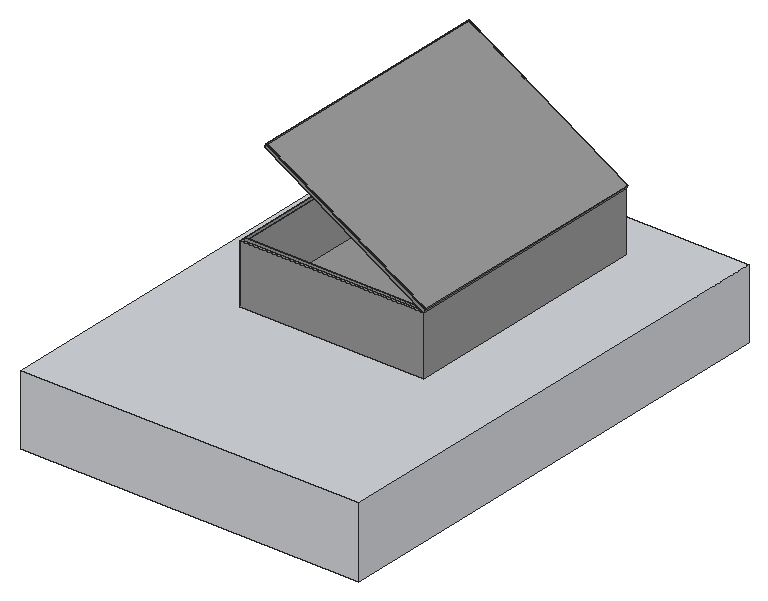
Revit family "Hager-Univers-IP55-D275-H1100-Cl.II-Steel_encl-NL-en", category Equipement électrique, Revit 2020
Family settings
  Hôte = Face
  Configuration du panneau = Deux colonnes, circuits au sein
  Cote de connecteur circulaire = Utiliser le diamètre
  Type d'élément = Tableau de raccordement
  Couper avec des vides une fois chargée = Non
  Partagée = Non
  Point de calcul de pièce = Non
Parameters (values of type "Surface mounted (plaster) IP55 W800 H1100 D275  - FR73S")
  Width Control [instance] = if([EF000008 - Width] > Min Width, [EF000008 - Width], Min Width)  # 800 mm
  Commentaires du type = [HG000003 - Range]  # "Univers"
  Thickness Door [instance] = if([EF009171 - Material plate thickness door/cover] > 3 mm, 3 mm, [EF009171 - Material plate thickness door/cover])  # 1.5 mm
  Seal Frame Offset [instance] = 17 mm  # constant formula
  Plinth Visibility [instance] = [HG000027 - Plinth height] > 0 mm  # no
  Model = ""
  Min Width [instance] = 100 mm  # constant formula
  Min Height [instance] = 100 mm  # constant formula
  Min Depth [instance] = (2 * [EF009170 - Material plate thickness cabinet]) + 1 mm  # 4 mm
  Internal Frame Depth [instance] = (Door System Depth * 0.5)  # 9 mm
  Height Control [instance] = if([EF000040 - Height] > Min Height, [EF000040 - Height], Min Height)  # 1100 mm
  HG000027 - Plinth height = 0 mm
  HG000026 - Floor standing = no
  HG000024 - Bottom section height = 800 mm
  HG000023 - Double section enclosure = no
  HG000016 - Door 3d visibility [instance] = yes
  HG000015 - Clearance visibility [instance] = no
  HG000014 - Door on the right [instance] = yes
  HG000013 - Door on the left [instance] = not([HG000014 - Door on the right])  # no
  HG000012 - Door swing angle [instance] = 30.00°
  HG000010 - Asymmetric doors = no
  HG000009 - Double swing door = no
  HG000006 - Flush mounted = no
  HG000004 - Manufacturer reference = "FR73S"
  HG000003 - Range = "Univers"
  HG000002 - With door or cover = yes
  Frame Offset Bottom [instance] = 10 mm  # constant formula
  Frame Offset [instance] = 15 mm  # constant formula
  EF015940 - Cover with overpressure release = no
  EF011959 - Degree of protection (NEMA) = ""
  EF009554 - Number of openings for flange plates = 6
  EF009212 - Cover model = "EV000116 - Closed"
  EF009171 - Material plate thickness door/cover = 1.5 mm
  EF009170 - Material plate thickness cabinet = 1.5 mm
  Fabricant = "Hager"  # constant formula
  EF008873 - Nominal current (In) = 800 A
  EF007800 - Suitable for lightning protection = no
  EF006306 - With lock = no
  EF006244 - Transparent cover/door = no
  EF005474 - Degree of protection (IP) = "EV006420 - IP55"
  EF004464 - Type of door = "EV002646 - Single"
  EF004427 - Number of modules = 252
  EF004293 - Impact strength = "EV008784 - IK10"
  EF003532 - Suitable for outdoor use = no
  EF002950 - Width in number of modular spacings = 24
  EF001613 - Circuit integrity = "EV000494 - None"
  EF001596 - Material housing = "EV000179 - Steel"
  EF001131 - Internal depth = 275 mm
  EF001088 - Extension possible = yes
  EF000437 - Number of conduit inlets = 6
  EF000339 - Type of cover = "EV004216 - Door"
  EF000266 - Number of rows = 7
  EF000218 - Built-in depth = 0 mm
  EF000118 - With mounting plate = no
  EF000116 - RAL-number = "7035"
  EF000049 - Depth = 275 mm
  EF000040 - Height = 1100 mm
  EF000008 - Width = 800 mm
  EF000007 - Colour = "EV000270 - Grey"
  EF000003 - Mounting method = "EV000384 - Surface mounted (plaster)"
  Door System Leaf Tolerance [instance] = 1.5 mm  # constant formula
  Door System Depth [instance] = 18 mm  # constant formula
  Door Height [instance] = Height Control - [HG000027 - Plinth height]  # 1100 mm
  Depth Control [instance] = if([EF000049 - Depth] > Min Depth, [EF000049 - Depth], Min Depth)  # 275 mm
  Default Elevation = 0 mm
  Connector Offset [instance] = Height Control / 2  # 550 mm
  Bottom Top Plate Trim [instance] = 1.5 mm  # constant formula
  Plinth height Ctrl [instance] = if([HG000027 - Plinth height] > 0 mm, [HG000027 - Plinth height], 12 mm)  # 12 mm
Types (5, lengths in mm): name | Width Control | HG000010 - Asymmetric doors | HG000009 - Double swing door | HG000004 - Manufacturer reference | EF009554 - Number of openings for flange plates | EF004464 - Type of door | EF004427 - Number of modules | EF000437 - Number of conduit inlets | EF000008 - Width
  Surface mounted (plaster) IP55 W1050 H1100 D275  - FR74S | 1050 | no | yes | "FR74S" | 8 | "EV003602 - Double" | 336 | 8 | 1050
  Surface mounted (plaster) IP55 W1300 H1100 D275  - FR75S | 1300 | yes | yes | "FR75S" | 10 | "EV003602 - Double" | 420 | 10 | 1300
  Surface mounted (plaster) IP55 W300 H1100 D275  - FR71S | 300 | no | no | "FR71S" | 2 | "EV002646 - Single" | 84 | 2 | 300
  Surface mounted (plaster) IP55 W550 H1100 D275  - FR72S | 550 | no | no | "FR72S" | 4 | "EV002646 - Single" | 168 | 4 | 550
  Surface mounted (plaster) IP55 W800 H1100 D275  - FR73S | 800 | no | no | "FR73S" | 6 | "EV002646 - Single" | 252 | 6 | 800
Reference planes
  plane 1 "Center (Front/Back)": y = 0
  plane 2: z = 0
  plane 3 "Center (Left/Right)": x = 0
  plane 4: z = 275
  plane 5: y = 1.5
  plane 6: y = 550
  plane 7: y = 0
  plane 8: y = 1100
  plane 9: z = 0
  plane 10: x = -385
  plane 11: x = 385
  plane 12: x = 383.5
  plane 13: x = -383.5
  plane 14: y = 1098.5
  plane 15: x = -383
  plane 16: x = -400
  plane 17: x = 383
  plane 18: x = 400
  plane 19: x = 398.5
  plane 20: x = -398.5
  plane 21: y = 11.5
  plane 22: y = 1100
  plane 23: y = 1083.5
  plane 24: z = 257
  plane 25: z = 1.5
  plane 26: z = 255.5
  plane 27: z = 273.5
Forms (mm)
  Extrusion 1, solid
    sketch origin (0, 0, 0) x (1, 0, 0) y (0, 1, 0)
      loop
        line (-702.964, 1305) -> (-702.964, -811.445) -> (766.763, -811.445) -> (766.763, 1305) -> (-702.964, 1305)
    from 0 to -304.8
  Extrusion 2, solid, material "Hager_Steel_RAL7035_Light_Grey", visible <- "Plinth Visibility", detail levels medium+fine
    sketch origin (0, 0, 0) x (1, 0, 0) y (0, 1, 0)
      loop
        line (-400, 0) -> (400, 0) -> (400, 12) -> (-400, 12) -> (-400, 0)
    from 0 to 257
  Extrusion 3, solid, material "Hager_Steel_RAL7035_Light_Grey", detail levels medium+fine
    sketch origin (0, 0, 0) x (1, 0, 0) y (0, 1, 0)
      loop
        line (-400, 0) -> (400, 0) -> (400, 1100) -> (-400, 1100) -> (-400, 0)
    from 0 to 257
  Extrusion 4, void
    sketch origin (0, 0, 0) x (1, 0, 0) y (0, 1, 0)
      loop
        line (-398.5, 1.5) -> (398.5, 1.5) -> (398.5, 1098.5) -> (-398.5, 1098.5) -> (-398.5, 1.5)
    from 1.5 to 255.5
  Extrusion 5, void
    sketch origin (-381.607, -4572, 257) x (0, -1, 0) y (-1, 0, 0)
      loop
        line (-4583.5, 1.893) -> (-5655.5, 1.893) -> (-5655.5, -765.107) -> (-4583.5, -765.107) -> (-4583.5, 1.893)
    from 0 to 1.5 <- "EF009170 - Material plate thickness cabinet"
  Extrusion 6, solid, material "Hager_Steel_RAL7035_Light_Grey", detail levels fine
    sketch origin (0, 0, 257) x (1, 0, 0) y (0, 1, 0)
      loop
        line (-383.5, 1083.5) -> (-383.5, 11.5) -> (383.5, 11.5) -> (383.5, 1083.5) -> (-383.5, 1083.5)
      loop
        line (-385, 10) -> (385, 10) -> (385, 1085) -> (-385, 1085) -> (-385, 10)
    from 0 to 9 <- "Internal Frame Depth"
  Extrusion 7, solid, material "Hager_Steel_RAL7035_Light_Grey", detail levels coarse
    sketch origin (0, 0, 0) x (1, 0, 0) y (0, 1, 0)
      loop
        line (-400, 0) -> (400, 0) -> (400, 1100) -> (-400, 1100) -> (-400, 0)
    from 0 to 275
  Sweep 8, void
    path in 3D
      loop
        line (-400, 12, 0) -> (400, 12, 0) -> (400, 12, 257) -> (-400, 12, 257) -> (-400, 12, 0)
    profile origin (-400, 12, 128.5) x (-1, 0, 0) y (0, -1, 0)
      loop
        line (0, 0) -> (0, 1.5) -> (-1.5, 1.5)
        arc (-1.5, 1.5) -> (-1.061, 0.439) -> (0, 0) r 1.5
Cuts and joins
  Extrusion 4, Extrusion 5 cuts Extrusion 3
  Sweep 8 cuts Extrusion 2
Lines and regions (mm)
  Masking region 1
    outline origin (0, 0, 0) x (1, 0, 0) y (0, 0, 1)
      loop
        line (-400, 275) -> (-400, 0) -> (400, 0) -> (400, 275) -> (-400, 275)
  Masking region 2, detail levels medium+fine
    outline origin (0, 140, 0) x (0, 1, 0) y (0, 0, 1)
      loop
        line (-140, 0) -> (960, 0) -> (960, 257) -> (-140, 257) -> (-140, 0)
  Masking region 3, not visible, detail levels medium+fine
    outline origin (0, 297.922, 0) x (0, 1, 0) y (0, 0, 1)
      loop
        line (263.578, 0) -> (303.578, 0) -> (303.578, 263.5)
        arc (303.578, 263.5) -> (300.649, 270.571) -> (293.578, 273.5) r 10
        line (293.578, 273.5) -> (263.578, 273.5) -> (263.578, 0)
  Masking region 4, detail levels coarse
    outline origin (0, 0, 180) x (0, 1, 0) y (0, 0, 1)
      loop
        line (0, -180) -> (1100, -180) -> (1100, 95) -> (0, 95) -> (0, -180)
  Masking region 5, visible <- "Plinth Visibility", detail levels medium+fine
    outline origin (0, 52.24, 12.345) x (0, 0, -1) y (0, 1, 0)
      loop
        line (10.845, -40.24) -> (-243.155, -40.24)
        arc (-243.155, -40.24) -> (-243.594, -41.301) -> (-244.655, -41.74) r 1.5
        line (-244.655, -41.74) -> (-244.655, -52.24) -> (12.345, -52.24) -> (12.345, -41.74)
        arc (12.345, -41.74) -> (11.285, -41.301) -> (10.845, -40.24) r 1.5
  Masking region 6, detail levels medium+fine
    outline origin (-381.607, -4572, 257) x (-1, 0, 0) y (0, -1, 0)
      loop
        line (18.393, -5672) -> (18.393, -4572) -> (-781.607, -4572) -> (-781.607, -5672) -> (18.393, -5672)
  Masking region 7, visible <- "Plinth Visibility", detail levels medium+fine
    outline origin (-381.607, -4727, 257) x (-1, 0, 0) y (0, -1, 0)
      loop
        arc (16.893, -4739) -> (17.332, -4737.939) -> (18.393, -4737.5) r 1.5
        line (18.393, -4737.5) -> (18.393, -4727) -> (-781.607, -4727) -> (-781.607, -4737.5)
        arc (-781.607, -4737.5) -> (-780.546, -4737.939) -> (-780.107, -4739) r 1.5
        line (-780.107, -4739) -> (16.893, -4739)
  Masking region 8, detail levels coarse
    outline origin (-442.548, -4669.526, 257) x (-1, 0, 0) y (0, -1, 0)
      loop
        line (-42.548, -5769.526) -> (-42.548, -4669.526) -> (-842.548, -4669.526) -> (-842.548, -5769.526) -> (-42.548, -5769.526)
  sketch lines
    curve 1: line (-400, 12, 257) -> (-400, 12, 0)
    curve 2: line (400, 12, 257) -> (-400, 12, 257)
    curve 3: line (400, 12, 257) -> (400, 12, 0)
    curve 4: line (-400, 12, 0) -> (400, 12, 0)
Dimensions and locks
  "Depth Control": plane 4 to Extrusion 1
  "HG000027 - Plinth height": plane 1 "Center (Front/Back)" to plane 7
  "EF009170 - Material plate thickness cabinet": plane 5 to plane 7
  locked: connector elem to plane 3 "Center (Left/Right)"
  equal spacing: plane 8, plane 6, plane 7
  locked: connector elem to plane 6
  "EF009170 - Material plate thickness cabinet": plane 8 to plane 14
  "EF009170 - Material plate thickness cabinet": plane 10 to plane 13
  "EF009170 - Material plate thickness cabinet": plane 12 to plane 11
  "Frame Offset": plane 20 to plane 13
  "Frame Offset": plane 12 to plane 19
  "EF009170 - Material plate thickness cabinet": plane 16 to plane 20
  "EF009170 - Material plate thickness cabinet": plane 19 to plane 18
  "Seal Frame Offset": plane 16 to plane 15
  "Seal Frame Offset": plane 17 to plane 18
  "Frame Offset Bottom": plane 21 to plane 5
  "Frame Offset": plane 14 to plane 23
  equal spacing: plane 16, plane 3 "Center (Left/Right)", plane 18
  "Width Control": plane 16 to plane 18
  "EF009170 - Material plate thickness cabinet": plane 4 to plane 27
  "EF009170 - Material plate thickness cabinet": plane 24 to plane 26
  "EF009170 - Material plate thickness cabinet": plane 25 to level
  "Door System Depth": plane 4 to plane 24
  "Height Control": plane 1 "Center (Front/Back)" to Extrusion 7 sketch curve
  "Height Control": Masking region 4 sketch curve to plane 1 "Center (Front/Back)"
  "Height Control": plane 1 "Center (Front/Back)" to plane 22
  "Bottom Top Plate Trim": profile plane to Sweep 8 sketch curve
  "Bottom Top Plate Trim": Sweep 8 sketch curve to profile plane
  "Plinth height Ctrl": plane 1 "Center (Front/Back)" to Extrusion 2 sketch curve
  "Plinth height Ctrl": Masking region 5 sketch curve to plane 1 "Center (Front/Back)"
  "Plinth height Ctrl": plane 1 "Center (Front/Back)" to Masking region 7 sketch curve
  "Thickness Door": Extrusion 6 sketch curve to Extrusion 6 sketch curve  (x3)
  "Thickness Door": cut or joined group of Extrusion 3, Extrusion 4, Extrusion 5 to Extrusion 6 sketch curve
  radius of Masking region 3 sketch curve = 10 mm
  "Bottom Top Plate Trim": radius of Masking region 5 sketch curve  (x2)
  "Bottom Top Plate Trim": radius of Sweep 8 sketch curve
  "Bottom Top Plate Trim": radius of Masking region 7 sketch curve  (x2)
  aligned and locked: plane 2 to Extrusion 1
  aligned and locked: level to Extrusion 1
  aligned and locked: level to Masking region 1 sketch curve
  aligned and locked: Masking region 1 sketch curve to plane 18
  aligned and locked: Masking region 1 sketch curve to plane 16
  aligned and locked: plane 7 to Masking region 2 sketch curve
  aligned and locked: level to Masking region 3 sketch curve
  aligned and locked: Masking region 3 sketch curve to plane 27
  aligned and locked: level to Masking region 2 sketch curve
  aligned and locked: plane 1 "Center (Front/Back)" to Extrusion 2 sketch curve
  aligned and locked: Extrusion 3 sketch curve to plane 7
  aligned and locked: plane 16 to Extrusion 3 sketch curve
  aligned and locked: plane 18 to Extrusion 3 sketch curve
  aligned and locked: plane 20 to Extrusion 4 sketch curve
  aligned and locked: plane 19 to Extrusion 4 sketch curve
  aligned and locked: Extrusion 4 sketch curve to plane 5
  aligned and locked: Extrusion 4 to plane 25
  aligned and locked: plane 26 to Extrusion 4
  aligned and locked: plane 24 to Extrusion 3
  aligned and locked: Extrusion 5 sketch curve to plane 21
  aligned and locked: Extrusion 5 sketch curve to plane 13
  aligned and locked: Extrusion 5 sketch curve to plane 12
  aligned and locked: plane 18 to Extrusion 7 sketch curve
  aligned and locked: plane 1 "Center (Front/Back)" to Extrusion 7 sketch curve
  aligned and locked: plane 16 to Extrusion 7 sketch curve
  aligned and locked: plane 4 to Extrusion 7
  aligned and locked: Extrusion 7 to level
  aligned and locked: level to Masking region 4 sketch curve
  aligned and locked: Masking region 4 sketch curve to plane 1 "Center (Front/Back)"
  aligned and locked: Masking region 4 sketch curve to plane 4
  aligned and locked: nested 1 to level
  aligned and locked: nested 1 to plane 16
  aligned and locked: plane 8 to Extrusion 3 sketch curve
  aligned and locked: plane 23 to Extrusion 5 sketch curve
  aligned and locked: plane 14 to Extrusion 4 sketch curve
  aligned and locked: Masking region 2 sketch curve to plane 8
  aligned and locked: level to Masking region 5 sketch curve
  aligned and locked: plane 16 to Extrusion 2 sketch curve
  aligned and locked: plane 18 to Extrusion 2 sketch curve
  aligned and locked: Masking region 5 sketch curve to plane 24
  aligned and locked: Masking region 2 sketch curve to plane 24
  aligned and locked: plane 24 to Extrusion 2
  aligned and locked: profile plane to Sweep 8 sketch curve  (x2)
  aligned and locked: Masking region 6 sketch curve to plane 18
  aligned and locked: Masking region 6 sketch curve to plane 22
  aligned and locked: Masking region 6 sketch curve to plane 16
  aligned and locked: plane 8 to plane 22
  aligned and locked: Masking region 6 sketch curve to plane 7
  aligned and locked: Masking region 7 sketch curve to plane 16
  aligned and locked: Masking region 7 sketch curve to plane 1 "Center (Front/Back)"
  aligned and locked: Masking region 7 sketch curve to plane 18
  aligned and locked: Masking region 8 sketch curve to plane 1 "Center (Front/Back)"
  aligned and locked: Masking region 8 sketch curve to plane 18
  aligned and locked: Masking region 8 sketch curve to plane 22
  aligned and locked: Masking region 8 sketch curve to plane 16
  aligned and locked: nested 2 to plane 7
  aligned and locked: plane 3 "Center (Left/Right)" to nested 2
  aligned and locked: nested 2 to plane 24
  aligned and locked: Extrusion 6 sketch curve to cut or joined group of Extrusion 3, Extrusion 4, Extrusion 5  (x4)
Automatic sketch dimensions
  Extrusion 1 sketch curve to Extrusion 1 sketch curve = 1469.727 mm
  Extrusion 1 sketch curve to Extrusion 1 sketch curve = 2116.445 mm
  Masking region 1 sketch curve to plane 4 = 0 mm
  plane 6 to Masking region 3 sketch curve = 11.5 mm
  Masking region 3 sketch curve to Masking region 3 sketch curve = 30 mm
  Masking region 5 sketch curve to plane 1 "Center (Front/Back)" = 0 mm
Nested families
  nested 1: "Hager_Enclosure_Symbol" at (-400, 0, 0) x (1, 0, 0) z (0, -1, 0), Height <- "Depth Control", Width <- "Width Control", type "Hager_Enclosure_Symbol"
    with Width_Ctrl 800 mm, Width 800 mm, Height_Ctrl 275 mm, Height 275 mm, A_Width_Int 18.047 mm, A_Width 216.562 mm, A_Height_Ctrl 240.625 mm, A_Height 240.625 mm
  nested 2: "EC000058_Univers_Door" at (0, 0, 257) x (1, 0, 0) z (0, 1, 0), Leaf_Tolerance <- "Door System Leaf Tolerance", Angle <- "HG000012 - Door swing angle", Door_Depth <- "Door System Depth", Door_Left <- "HG000013 - Door on the left", Transparent <- "EF006244 - Transparent cover/door", Assymetrical <- "HG000010 - Asymmetric doors", Width <- "Width Control", Clearance <- "HG000015 - Clearance visibility", Double <- "HG000009 - Double swing door", 3d_Door <- "HG000016 - Door 3d visibility", Lock_Visibility <- "EF006306 - With lock", Width_Ctrl <- "Width Control", Door_Right <- "HG000014 - Door on the right", Door <- "HG000002 - With door or cover", Height <- "Door Height", Thickness <- "Thickness Door", type "EC000058_Univers_Door", detail levels medium+fine
    with min_wh 4 mm, Width_Ctrl 800 mm, Width 800 mm, Transparent no, Thickness 1.5 mm, Seal_Material Hager_Rubber, Lock_Visibility no, Lock_Material Hager_Plastic_RAL9005_Jet_Black, Leaf_Width 800 mm, Leaf_Tolerance_External_Sides 0 mm, Leaf_Tolerance 1.5 mm, Leaf_Offset 0 mm, Leaf_Height 1097 mm, Leaf_2_Width 800 mm, Leaf_2_Offset 400 mm, Leaf_1_Width 800 mm, Leaf_1_Offset 400 mm, Height_Ctrl 1100 mm, Height 1100 mm, Glass_Material Hager_Glass, Double_Clearance_Ctrl no, Double no, Door_Right_Ctrl yes, Door_Right yes, Door_Material Hager_Steel_RAL7035_Light_Grey, Door_Left_Ctrl no, Door_Left no, Door_Depth 18 mm, Door yes, Clearance_Material Hager_Clearance, Clearance_Depth 800 mm, Clearance_Ctrl no, Clearance no, Assymetrical no, Angle 30.00°, 3d_Door yes
Connectors
  electrical at (0, 550, 0)
    settings: on plane 9, index 1, voltage 0 V, apparent load 0 VA, apparent load phase1 0 VA, apparent load phase2 0 VA, apparent load phase3 0 VA, power factor 1, load classification "Other", number of poles 1, system type 30, power factor state 1, is connector primary yes, connector utility no, sub classification motor no, connector description ""
Definition of nested family "EC000058_Univers_Door"
  Parameters (values of type "EC000058_Univers_Door")
    min_wh [instance] = (2 * Thickness) + 1 mm  # 11 mm
    Width_Ctrl [instance] = 400 mm
    Width [instance] = 500 mm
    Transparent [instance] = yes
    Thickness [instance] = 5 mm
    Seal_Material [instance] = none
    Lock_Visibility [instance] = yes
    Lock_Material [instance] = none
    Leaf_Width [instance] = if((Width_Ctrl - 2 * Leaf_Tolerance_External_Sides) > 0 mm, (Width_Ctrl - 2 * Leaf_Tolerance_External_Sides), min_wh)  # 400 mm
    Leaf_Tolerance_External_Sides [instance] = 0 mm  # constant formula
    Leaf_Tolerance [instance] = 1.5 mm
    Leaf_Offset [instance] = 0 mm  # constant formula
    Leaf_Height [instance] = if((Height_Ctrl - 2 * Leaf_Tolerance) > 0 mm, (Height_Ctrl - 2 * Leaf_Tolerance), min_wh)  # 497 mm
    Leaf_2_Width [instance] = if(and(and(Double, Assymetrical), Door_Left), (Leaf_Width / 3) - (Leaf_Tolerance / 2), if(and(and(Double, Assymetrical), Door_Right), (Leaf_Width / 3) * 2 - (Leaf_Tolerance / 2), if(and(Double, not(Assymetrical)), (Leaf_Width / 2) - Leaf_Tolerance, Leaf_Width)))  # 400 mm
    Leaf_2_Offset [instance] = if(and(Double, Assymetrical), Leaf_2_Width / 2, if(and(Double, not(Assymetrical)), Leaf_Width / 4, Leaf_Width / 2))  # 200 mm
    Leaf_1_Width [instance] = if(and(and(Double, Assymetrical), Door_Right), (Leaf_Width / 3) - (Leaf_Tolerance / 2), if(and(and(Double, Assymetrical), Door_Left), (Width / 3) * 2 - (Leaf_Tolerance / 2), if(and(Double, not(Assymetrical)), (Leaf_Width / 2) - Leaf_Tolerance, Leaf_Width)))  # 400 mm
    Leaf_1_Offset [instance] = if(and(Double, Assymetrical), Leaf_1_Width / 2, if(and(Double, not(Assymetrical)), Leaf_Width / 4, Leaf_Width / 2))  # 200 mm
    Height_Ctrl [instance] = if(Height > min_wh, Height, min_wh)  # 500 mm
    Height [instance] = 500 mm
    Glass_Material [instance] = none
    Double_Clearance_Ctrl [instance] = and(Double, Clearance)  # no
    Double [instance] = no
    Door_Right_Ctrl [instance] = and(or(Door_Right, Double), Door)  # yes
    Door_Right [instance] = yes
    Door_Material [instance] = none
    Door_Left_Ctrl [instance] = and(or(Door_Left, Double), Door)  # no
    Door_Left [instance] = no
    Door_Depth [instance] = 30 mm
    Door [instance] = yes
    Default Elevation = 1219.2 mm
    Clearance_Material [instance] = none
    Clearance_Depth [instance] = if(Leaf_1_Width > Leaf_2_Width, Leaf_1_Width, Leaf_2_Width)  # 400 mm
    Clearance_Ctrl [instance] = and(not(Double), Clearance)  # yes
    Clearance [instance] = yes
    Assymetrical [instance] = yes
    Angle [instance] = 30.00°
    3d_Door [instance] = yes
  Reference planes
    plane 1 "Center (Front/Back)": y = 0
    plane 2 "Bottom": z = 0
    plane 3 "Center (Left/Right)": x = 0
    plane 4: z = 500
    plane 5: x = -200
    plane 6: x = 200
    plane 7: z = 500
    plane 8: x = -200
    plane 9: z = 0
    plane 10: x = 200
    plane 11: y = 0
    plane 12: z = 1.5
    plane 13: x = -600
    plane 14: y = -400
    plane 15: x = 600
    plane 16: x = 0
    plane 17: x = 0
    plane 18: x = -200
    plane 19: x = 200
    plane 20: z = 498.5
  Forms (mm)
    Extrusion 1, solid, material <- "Clearance_Material", visible <- "Double_Clearance_Ctrl"
      sketch origin (1200, 0, 0) x (1, 0, 0) y (0, 0, -1)
        loop
          line (-1800, -498.5) -> (-600, -498.5) -> (-600, 0) -> (-1800, 0) -> (-1800, -498.5)
      from 0 to -400
  Dimensions and locks
    equal spacing: plane 5, plane 3 "Center (Left/Right)", plane 6
    "Width_Ctrl": plane 5 to plane 6
    "Leaf_Offset": plane 5 to plane 8
    "Leaf_Offset": plane 6 to plane 10
    "Leaf_Offset": plane 9 to level
    "Leaf_Offset": plane 4 to plane 7
    "Height_Ctrl": plane 4 to level
    "Leaf_Tolerance": plane 12 to plane 9
    locked: plane 11 to plane 1 "Center (Front/Back)"
    "Leaf_1_Offset": plane 18 to plane 16
    "Leaf_2_Offset": plane 17 to plane 19
    "Leaf_1_Width": plane 13 to plane 8
    "Leaf_2_Width": plane 10 to plane 15
    "Clearance_Depth": plane 14 to plane 1 "Center (Front/Back)"
    "Leaf_Tolerance_External_Sides": plane 8 to plane 18
    "Leaf_Tolerance_External_Sides": plane 19 to plane 10
    "Leaf_Tolerance": plane 7 to plane 20
    aligned and locked: level to plane 2 "Bottom"
    aligned and locked: nested 1 to plane 16
    aligned and locked: nested 2 to plane 17
    aligned and locked: Extrusion 1 to plane 13
    aligned and locked: plane 15 to Extrusion 1
    aligned and locked: Extrusion 1 to plane 14
    aligned and locked: plane 12 to nested 1
    aligned and locked: nested 2 to plane 12
    aligned and locked: Extrusion 1 to plane 11
    aligned and locked: plane 20 to Extrusion 1
    aligned and locked: nested 2 to plane 11
    aligned and locked: nested 1 to plane 11
  Automatic sketch dimensions
    Extrusion 1 sketch curve to level = 0 mm
    plane 5 to Extrusion 1 sketch curve = 400 mm
    plane 6 to Extrusion 1 sketch curve = 400 mm
    Extrusion 1 sketch curve to plane 4 = 1.5 mm
  Nested families
    nested 1: "EC000058_Univers_Door_Leaf" at (0, 0, 1.5), Width <- "Leaf_1_Width", visible <- "Door_Left_Ctrl", Leaf_Height <- "Leaf_Height", Angle <- "Angle", 3d_Door <- "3d_Door", Transparent <- "Transparent", Clearance Material <- "Clearance_Material", Clearance <- "Clearance_Ctrl", Door_Material <- "Door_Material", Glass_Material <- "Glass_Material", Door_Depth <- "Door_Depth", Lock_Material <- "Lock_Material", Seal_Material <- "Seal_Material", Lock_Visibility <- "Lock_Visibility", Thickness <- "Thickness", type "EC000058_Univers_Door_Leaf"
      with Width 400 mm, Transparent_Glass_Offset 30 mm, Transparent_Ctrl yes, Transparent yes, Thickness 5 mm, Standard no, Seal_Material none, Seal_D2 8 mm, Seal_D1 1 mm, Offset_Internal_Frame 10 mm, Lock_Width 20 mm, Lock_Visibility_3d yes, Lock_Visibility yes, Lock_Thickness_3 3 mm, Lock_Thickness_2 1 mm, Lock_Thickness_1 3 mm, Lock_Radius_Offset_2 16 mm, Lock_Radius_Offset_1 15 mm, Lock_Radius_2 5 mm, Lock_Radius 6 mm, Lock_Offset 5 mm, Lock_Material none, Lock_Height 80 mm, Lock_Cover_Top_Offset_2d 17 mm, Lock_Cover_Height -65 mm, Leaf_Height 497 mm, Internal_Seal_Thickness 8 mm, Internal_Seal_Depth_2 4.5 mm, Internal_Frame_Depth 25 mm, Glass_Thickness -1 mm, Glass_Offset -2 mm, Glass_Material none, Door_Material none, Door_Depth 30 mm, Clearance Material none, Clearance yes, Angle_Ctrl 30.00°, Angle 30.00°, 3d_Door yes
    nested 2: "EC000058_Univers_Door_Leaf" at (0, 0, 1.5) x (-1, 0, 0) z (0, 0, 1), Width <- "Leaf_2_Width", visible <- "Door_Right_Ctrl", Leaf_Height <- "Leaf_Height", Angle <- "Angle", 3d_Door <- "3d_Door", Transparent <- "Transparent", Clearance Material <- "Clearance_Material", Clearance <- "Clearance_Ctrl", Door_Material <- "Door_Material", Glass_Material <- "Glass_Material", Door_Depth <- "Door_Depth", Lock_Material <- "Lock_Material", Seal_Material <- "Seal_Material", Lock_Visibility <- "Lock_Visibility", Thickness <- "Thickness", type "EC000058_Univers_Door_Leaf"
      with Width 400 mm, Transparent_Glass_Offset 30 mm, Transparent_Ctrl yes, Transparent yes, Thickness 5 mm, Standard no, Seal_Material none, Seal_D2 8 mm, Seal_D1 1 mm, Offset_Internal_Frame 10 mm, Lock_Width 20 mm, Lock_Visibility_3d yes, Lock_Visibility yes, Lock_Thickness_3 3 mm, Lock_Thickness_2 1 mm, Lock_Thickness_1 3 mm, Lock_Radius_Offset_2 16 mm, Lock_Radius_Offset_1 15 mm, Lock_Radius_2 5 mm, Lock_Radius 6 mm, Lock_Offset 5 mm, Lock_Material none, Lock_Height 80 mm, Lock_Cover_Top_Offset_2d 17 mm, Lock_Cover_Height -65 mm, Leaf_Height 497 mm, Internal_Seal_Thickness 8 mm, Internal_Seal_Depth_2 4.5 mm, Internal_Frame_Depth 25 mm, Glass_Thickness -1 mm, Glass_Offset -2 mm, Glass_Material none, Door_Material none, Door_Depth 30 mm, Clearance Material none, Clearance yes, Angle_Ctrl 30.00°, Angle 30.00°, 3d_Door yes
  Definition of nested family "EC000058_Univers_Door_Leaf"
    Parameters (values of type "EC000058_Univers_Door_Leaf")
      Width [instance] = 2000 mm
      Transparent_Glass_Offset [instance] = 30 mm
      Transparent_Ctrl [instance] = and(Transparent, [3d_Door])  # yes
      Transparent [instance] = yes
      Thickness [instance] = 5 mm
      Standard [instance] = and(not(Transparent), [3d_Door])  # no
      Seal_Material [instance] = none
      Seal_D2 [instance] = 8 mm  # constant formula
      Seal_D1 [instance] = 1 mm  # constant formula
      Offset_Internal_Frame [instance] = 10 mm  # constant formula
      Lock_Width [instance] = 20 mm  # constant formula
      Lock_Visibility_3d [instance] = and(Lock_Visibility, [3d_Door])  # yes
      Lock_Visibility [instance] = yes
      Lock_Thickness_3 [instance] = 3 mm  # constant formula
      Lock_Thickness_2 [instance] = 1 mm  # constant formula
      Lock_Thickness_1 [instance] = 3 mm  # constant formula
      Lock_Radius_Offset_2 [instance] = Lock_Radius_Offset_1 + 1 mm  # 16 mm
      Lock_Radius_Offset_1 [instance] = 15 mm  # constant formula
      Lock_Radius_2 [instance] = Lock_Radius - 1 mm  # 5 mm
      Lock_Radius [instance] = 6 mm  # constant formula
      Lock_Offset [instance] = 5 mm  # constant formula
      Lock_Material [instance] = none
      Lock_Height [instance] = 80 mm  # constant formula
      Lock_Cover_Top_Offset_2d [instance] = Lock_Radius_Offset_2 + 1 mm  # 17 mm
      Lock_Cover_Height [instance] = -(Lock_Height - Lock_Radius_Offset_1)  # -65 mm
      Leaf_Height [instance] = 2720.336 mm
      Internal_Seal_Thickness [instance] = 8 mm  # constant formula
      Internal_Seal_Depth_2 [instance] = 4.5 mm  # constant formula
      Internal_Frame_Depth [instance] = if(Door_Depth - Thickness > 5 mm, Door_Depth - Thickness, 5 mm)  # 25 mm
      Glass_Thickness [instance] = if(Thickness > 15 mm, Glass_Offset + 10 mm, -1 mm)  # -1 mm
      Glass_Offset [instance] = if(Thickness > 15 mm, -(Thickness + 10 mm) / 2, -2 mm)  # -2 mm
      Glass_Material [instance] = none
      Door_Material [instance] = none
      Door_Depth [instance] = 30 mm
      Default Elevation = 0 mm
      Clearance Material [instance] = none
      Clearance [instance] = yes
      Angle_Ctrl [instance] = if(Angle > 180.00°, 180.00°, Angle)  # 90.00°
      Angle [instance] = 90.00°
      3d_Door [instance] = yes
    Reference planes
      plane 1 "Center (Front/Back)": y = 0
      plane 2: z = 0
      plane 3 "Center (Left/Right)": x = 0
      plane 4: y = 2000
      plane 5: x = -1000
      plane 6: x = 1000
      plane 7: x = -3000
      plane 8: z = 2720.336
      plane 9: z = 30
      plane 10: z = 2690.336
      plane 11: x = 970
      plane 12: x = -970
      plane 13: y = -3
      plane 14: z = 107.833
      plane 15: y = -5
      plane 16: y = -223.314
      plane 17: x = -1000
      plane 18: z = 1360.168
      plane 19: y = 30
    Forms (mm)
      Extrusion 1, solid, material <- "Clearance Material", visible <- "Clearance"
        sketch origin (0, 0, 0) x (1, 0, 0) y (0, 0, 1)
          loop
            line (-3000, 2720.336) -> (-3000, 0) -> (1000, 0) -> (1000, 2720.336) -> (-3000, 2720.336)
        from 0 to -2000
      Extrusion 2, solid, material <- "Door_Material", visible <- "Standard", detail levels medium+fine
        sketch origin (-1000, 0, 0) x (0, 1, 0) y (-1, 0, 0)
          loop
            line (0, 30) -> (0, 25) -> (2000, 25) -> (2000, 30) -> (0, 30)
        from 0 to 2720.336 <- "Leaf_Height"
      Extrusion 3, solid, material <- "Door_Material", visible <- "Transparent_Ctrl", detail levels medium+fine
        sketch origin (-1000, 0, 0) x (0, 1, 0) y (-1, 0, 0)
          loop
            line (0, 25) -> (2000, 25) -> (2000, 30) -> (0, 30) -> (0, 25)
        from 0 to 2720.336 <- "Leaf_Height"
      Extrusion 4, void
        sketch origin (-1025, 2000, 0) x (0, 1, 0) y (0, 0, -1)
          loop
            line (-30, -2690.336) -> (-30, -30) -> (-1970, -30) -> (-1970, -2690.336) -> (-30, -2690.336)
        from 0 to 5 <- "Thickness"
      Sweep 5, solid, material <- "Seal_Material", visible <- "Transparent_Ctrl", detail levels fine
        path in 3D
          loop
            line (-1025, 30, 30) -> (-1025, 30, 2690.336) -> (-1025, 1970, 2690.336) -> (-1025, 1970, 30) -> (-1025, 30, 30)
        profile origin (-1025, 1000, 30) x (1, 0, 0) y (0, 0, 1)
          loop
            line (0, 0) -> (0, -8) -> (1, -8) -> (1, 0) -> (0, 0)
      Extrusion 6, solid, material <- "Glass_Material", visible <- "Transparent_Ctrl", detail levels medium+fine
        sketch origin (-1030, 0, 0) x (0, 1, 0) y (0, 0, -1)
          loop
            line (1970, -2690.336) -> (1970, -30) -> (30, -30) -> (30, -2690.336) -> (1970, -2690.336)
        from -2 <- "Glass_Offset" to -1 <- "Glass_Thickness"
      Extrusion 7, solid, material <- "Door_Material", visible <- "3d_Door", detail levels medium+fine
        sketch origin (-1025, 2000, 0) x (0, -1, 0) y (0, 0, -1)
          loop
            line (0, -2720.336) -> (2000, -2720.336) -> (2000, 0) -> (0, 0) -> (0, -2720.336)
          loop
            line (1995, -5) -> (5, -5) -> (5, -2715.336) -> (1995, -2715.336) -> (1995, -5)
        from 0 to 25 <- "Internal_Frame_Depth"
      Sweep 8, solid, material <- "Seal_Material", visible <- "Transparent_Ctrl", detail levels fine
        path in 3D
          loop
            line (-1025, 0, 0) -> (-1025, 2000, 0) -> (-1025, 2000, 2720.336) -> (-1025, 0, 2720.336) -> (-1025, 0, 0)
        profile origin (-1025, 0, 1360.168) x (1, 0, 0) y (0, 1, 0)
          loop
            line (0, 10) -> (2.975, 10)
            arc (2.975, 10) -> (4.053, 10.447) -> (4.5, 11.525) r 1.525
            line (4.5, 11.525) -> (4.5, 16.527)
            arc (4.5, 16.527) -> (4.069, 17.569) -> (3.027, 18) r 1.473
            line (3.027, 18) -> (0, 18) -> (0, 10)
      Extrusion 9, solid, material <- "Lock_Material", visible <- "Lock_Visibility_3d", detail levels fine
        sketch origin (-1030, 0, 0) x (0, 1, 0) y (0, 0, -1)
          loop
            arc (1993.5, -1400.168) -> (1994.561, -1399.729) -> (1995, -1398.668) r 1.5
            line (1995, -1398.668) -> (1995, -1320.168) -> (1975, -1320.168) -> (1975, -1398.668)
            arc (1975, -1398.668) -> (1975.439, -1399.729) -> (1976.5, -1400.168) r 1.5
            line (1976.5, -1400.168) -> (1993.5, -1400.168)
        from 3 <- "Lock_Thickness_1" to 0
      Blend 10, solid, material <- "Lock_Material", visible <- "Lock_Visibility_3d", detail levels fine
        base sketch origin (-1033, 0, 0) x (0, 1, 0) y (0, 0, -1)
          loop
            line (1975, -1320.168) -> (1975, -1398.668)
            arc (1975, -1398.668) -> (1975.439, -1399.729) -> (1976.5, -1400.168) r 1.5
            line (1976.5, -1400.168) -> (1993.5, -1400.168)
            arc (1993.5, -1400.168) -> (1994.561, -1399.729) -> (1995, -1398.668) r 1.5
            line (1995, -1398.668) -> (1995, -1320.168) -> (1975, -1320.168)
        top sketch origin (-1033, 0, 0) x (0, 1, 0) y (0, 0, -1)
          loop
            line (1976, -1320.168) -> (1976, -1398.668)
            arc (1976, -1398.668) -> (1976.146, -1399.022) -> (1976.5, -1399.168) r 0.5
            line (1976.5, -1399.168) -> (1993.5, -1399.168)
            arc (1993.5, -1399.168) -> (1993.854, -1399.022) -> (1994, -1398.668) r 0.5
            line (1994, -1398.668) -> (1994, -1320.168) -> (1976, -1320.168)
        from 0 to 1 <- "Lock_Thickness_2"
      Blend 11, solid, material <- "Lock_Material", visible <- "Lock_Visibility_3d", detail levels fine
        base sketch origin (-1034, 0, 0) x (0, 1, 0) y (0, 0, -1)
          loop
            line (1978, -1320.168) -> (1978, -1384.168)
            arc (1978, -1384.168) -> (1985, -1391.168) -> (1992, -1384.168) r 7
            line (1992, -1384.168) -> (1992, -1320.168) -> (1978, -1320.168)
        top sketch origin (-1034, 0, 0) x (0, 1, 0) y (0, 0, -1)
          loop
            line (1991, -1320.168) -> (1979, -1320.168) -> (1979, -1383.168)
            arc (1979, -1383.168) -> (1985, -1389.168) -> (1991, -1383.168) r 6
            line (1991, -1383.168) -> (1991, -1320.168)
        from 0 to 3 <- "Lock_Thickness_3"
      Extrusion 12, solid, material <- "Lock_Material", visible <- "Lock_Visibility_3d", detail levels fine
        sketch origin (-1030, 1975, 1320.168) x (1, 0, 0) y (0, -1, 0)
          loop
            line (-7, -19) -> (-7, -1) -> (0, -1) -> (0, 0) -> (-8, 0) -> (-8, -20) -> (0, -20) -> (0, -19) -> (-7, -19)
        from 0 to -65 <- "Lock_Cover_Height"
      Extrusion 13, void
        sketch origin (-1038, 1995, 1320.168) x (-1, 0, 0) y (0, 0, -1)
          loop
            line (-5, -65) -> (0, -65) -> (-5, -60) -> (-5, -65)
        from 0 to 20 <- "Lock_Width"
      Extrusion 14, void
        sketch origin (-1038, 1975, 1320.168) x (0, -1, 0) y (0, 0, -1)
          loop
            circle (-10, -15.995) r 6
          loop
            circle (-10, -15.995) r 5
        from 0 to 2
      Extrusion 15, solid, material <- "Lock_Material", visible <- "Lock_Visibility_3d", detail levels medium
        sketch origin (-1030, 0, 0) x (0, 1, 0) y (0, 0, -1)
          loop
            arc (1993.5, -1400.168) -> (1994.561, -1399.729) -> (1995, -1398.668) r 1.5
            line (1995, -1398.668) -> (1995, -1320.168) -> (1975, -1320.168) -> (1975, -1398.668)
            arc (1975, -1398.668) -> (1975.439, -1399.729) -> (1976.5, -1400.168) r 1.5
            line (1976.5, -1400.168) -> (1993.5, -1400.168)
        from 8 to 0
    Cuts and joins
      Extrusion 4 cuts Extrusion 3
      Extrusion 13, Extrusion 14 cuts Extrusion 9
      Extrusion 14 cuts Blend 11
      Extrusion 13, Extrusion 14 cuts Extrusion 12
      joined: Extrusion 9, Blend 10, Blend 11, Extrusion 12
      Extrusion 14 cuts Extrusion 15
    Lines and regions (mm)
      Masking region 1, visible <- "Lock_Visibility", detail levels fine
        outline origin (0, 0, 0) x (0, 1, 0) y (0, 0, 1)
          loop
            line (30, 1320.168) -> (33, 1320.168) -> (33, 1400.168) -> (30, 1400.168) -> (30, 1320.168)
      Masking region 2, visible <- "Lock_Visibility", detail levels fine
        outline origin (0, 3.143, 0) x (0, 1, 0) y (0, 0, 1)
          loop
            line (29.857, 1354.168) -> (30.857, 1354.168) -> (30.857, 1366.168) -> (29.857, 1366.168) -> (29.857, 1354.168)
      Masking region 3, detail levels medium+fine
        outline origin (0, 0, 0) x (0, 1, 0) y (0, 0, 1)
          loop
            line (0, 0) -> (30, 0) -> (30, 2720.336) -> (0, 2720.336) -> (0, 0)
      Masking region 4, detail levels medium+fine
        outline origin (0, 0, 0) x (1, 0, 0) y (0, 0, 1)
          loop
            line (-1000, 2720.336) -> (-1000, 0) -> (1000, 0) -> (1000, 2720.336) -> (-1000, 2720.336)
      Masking region 5, visible <- "Lock_Visibility", detail levels fine
        outline origin (-47.116, 0, 0) x (1, 0, 0) y (0, 0, 1)
          loop
            arc (1024.616, 1399.168) -> (1023.556, 1398.729) -> (1023.116, 1397.668) r 1.5
            line (1023.116, 1397.668) -> (1023.116, 1320.168) -> (1041.116, 1320.168) -> (1041.116, 1397.668)
            arc (1041.116, 1397.668) -> (1040.677, 1398.729) -> (1039.616, 1399.168) r 1.5
            line (1039.616, 1399.168) -> (1024.616, 1399.168)
      Masking region 6, visible <- "Lock_Visibility", detail levels medium+fine
        outline origin (-25, 0, 0) x (1, 0, 0) y (0, 0, 1)
          loop
            arc (1001.5, 1400.168) -> (1000.439, 1399.729) -> (1000, 1398.668) r 1.5
            line (1000, 1398.668) -> (1000, 1320.168) -> (1020, 1320.168) -> (1020, 1398.668)
            arc (1020, 1398.668) -> (1019.561, 1399.729) -> (1018.5, 1400.168) r 1.5
            line (1018.5, 1400.168) -> (1001.5, 1400.168)
      Masking region 7, visible <- "Lock_Visibility", detail levels fine
        outline origin (-73.735, 0, 0) x (1, 0, 0) y (0, 0, 1)
          loop
            line (1051.735, 1382.168) -> (1065.735, 1382.168) -> (1065.735, 1384.168)
            arc (1065.735, 1384.168) -> (1058.735, 1391.168) -> (1051.735, 1384.168) r 7
            line (1051.735, 1384.168) -> (1051.735, 1382.168)
      Masking region 8, visible <- "Lock_Visibility", detail levels fine
        outline origin (-73.735, 0, 0) x (1, 0, 0) y (0, 0, 1)
          loop
            line (1052.735, 1382.168) -> (1064.735, 1382.168) -> (1064.735, 1383.168)
            arc (1064.735, 1383.168) -> (1058.735, 1389.168) -> (1052.735, 1383.168) r 6
            line (1052.735, 1383.168) -> (1052.735, 1382.168)
      Masking region 9, visible <- "Lock_Visibility", detail levels fine
        outline origin (-25, 0, 0) x (1, 0, 0) y (0, 0, 1)
          loop
            line (1020, 1320.168) -> (1020, 1382.168) -> (1000, 1382.168) -> (1000, 1320.168) -> (1020, 1320.168)
      Masking region 10, detail levels medium+fine
        outline origin (0, 0, 0) x (1, 0, 0) y (0, 0, 1)
          loop
            circle (985, 1335.144) r 6
      Masking region 11, detail levels fine
        outline origin (0, 0, 0) x (1, 0, 0) y (0, 0, 1)
          loop
            circle (985, 1335.144) r 5
      Masking region 12, visible <- "Lock_Visibility", detail levels fine
        outline origin (0, 12.767, 0) x (0, 1, 0) y (0, 0, 1)
          loop
            line (20.233, 1320.168) -> (21.233, 1320.168) -> (21.233, 1399.168) -> (20.233, 1400.168) -> (20.233, 1320.168)
      Masking region 13, visible <- "Lock_Visibility", detail levels fine
        outline origin (0, 13.767, -10) x (0, 1, 0) y (0, 0, 1)
          loop
            line (20.233, 1330.168) -> (23.233, 1330.168) -> (23.233, 1399.168) -> (20.233, 1402.168) -> (20.233, 1330.168)
      Masking region 14, visible <- "Lock_Visibility", detail levels fine
        outline origin (0, 12.767, -10) x (0, 1, 0) y (0, 0, 1)
          loop
            line (20.233, 1330.168) -> (25.233, 1330.168) -> (25.233, 1399.305) -> (20.233, 1394.305) -> (20.233, 1330.168)
      Masking region 15, visible <- "Lock_Visibility", detail levels medium
        outline origin (0, 0, 0) x (0, 1, 0) y (0, 0, 1)
          loop
            line (30, 1320.168) -> (38, 1320.168) -> (38, 1400.168) -> (30, 1400.168) -> (30, 1320.168)
      Masking region 16, visible <- "Lock_Visibility", detail levels fine
        outline origin (-1000, 0, 0) x (0, 1, 0) y (-1, 0, 0)
          loop
            line (1975, 30) -> (1995, 30) -> (1995, 38) -> (1975, 38) -> (1975, 30)
          loop
            line (1979, 37) -> (1976, 37) -> (1976, 34) -> (1978, 34) -> (1979, 37)
          loop
            line (1994, 37) -> (1991, 37) -> (1992, 34) -> (1994, 34) -> (1994, 37)
      Masking region 17, visible <- "Lock_Visibility", detail levels medium
        outline origin (-1000, 0, 0) x (0, 1, 0) y (-1, 0, 0)
          loop
            line (1975, 30) -> (1995, 30) -> (1995, 38) -> (1975, 38) -> (1975, 30)
      symbolic lines
        curve 1: line (1000, 0, 0) -> (-3000, 0, 0)
        curve 2: arc (1000, 0, 0) -> (-1000, 2000, 0) -> (-3000, 0, 0) r 2000
        curve 4: line (-1030, 0, 0) -> (-1030, 2000, 0)
      reference lines
        curve 3: line (-1000, 0, 0) -> (-1000, 2000, 0)
      symbolic lines, detail levels medium+fine
        curve 5: line (-1030, 2000, 0) -> (-1025, 2000, 0)
        curve 7: line (-1025, 0, 0) -> (-1030, 0, 0)
        curve 8: line (-1025, 0, 0) -> (-1000, 0, 0)
        curve 9: line (-1000, 0, 0) -> (-1000, 2000, 0)
        curve 10: line (-1000, 2000, 0) -> (-1025, 2000, 0)
      symbolic lines, detail levels fine
        curve 6: line (-1025, 2000, 0) -> (-1025, 0, 0)
      sketch lines
        curve 11: line (-1025, 0, 2720.336) -> (-1025, 0, 0)
        curve 12: line (-1025, 2000, 0) -> (-1025, 0, 0)
        curve 13: line (-1025, 2000, 2720.336) -> (-1025, 2000, 0)
        curve 14: line (-1025, 0, 2720.336) -> (-1025, 2000, 2720.336)
        curve 15: line (-1025, 1970, 30) -> (-1025, 30, 30)
        curve 16: line (-1025, 30, 30) -> (-1025, 30, 2690.336)
        curve 17: line (-1025, 1970, 2690.336) -> (-1025, 1970, 30)
        curve 18: line (-1025, 30, 2690.336) -> (-1025, 1970, 2690.336)
      symbolic lines, visible <- "Transparent", detail levels medium+fine
        curve 19: line (-970, 0, 2690.336) -> (970, 0, 2690.336)
        curve 20: line (-970, 0, 30) -> (-970, 0, 2690.336)
        curve 21: line (970, 0, 30) -> (-970, 0, 30)
        curve 22: line (970, 0, 2690.336) -> (970, 0, 30)
    Dimensions and locks
      "Width": plane 1 "Center (Front/Back)" to plane 4
      equal spacing: plane 5, plane 3 "Center (Left/Right)", plane 6
      "Width": plane 5 to plane 6
      "Width": plane 7 to plane 5
      "Leaf_Height": plane 8 to level
      "Width": curve 5 to curve 3
      "Width": curve 3 to curve 3
      plane 8 to plane 10 = 30 mm
      plane 9 to level = 30 mm
      plane 12 to plane 5 = 30 mm
      plane 6 to plane 11 = 30 mm
      Extrusion 1 to Extrusion 4 sketch curve = 30 mm
      "Transparent_Glass_Offset": curve 3 to Extrusion 4 sketch curve
      "Transparent_Glass_Offset": Extrusion 4 sketch curve to cut or joined group of Extrusion 3, Extrusion 4  (x2)
      cut or joined group of Extrusion 3, Extrusion 4 to Extrusion 6 sketch curve = 30 mm
      "Transparent_Glass_Offset": cut or joined group of Extrusion 3, Extrusion 4 to Extrusion 4 sketch curve
      "Thickness": curve 6 to curve 4
      "Thickness": Extrusion 7 sketch curve to Extrusion 7 sketch curve  (x4)
      "Door_Depth": curve 4 to curve 3
      "Offset_Internal_Frame": profile plane to Sweep 8 sketch curve
      "Internal_Seal_Thickness": Sweep 8 sketch curve to Sweep 8 sketch curve
      "Internal_Seal_Depth_2": profile plane to Sweep 8 sketch curve
      "Seal_D1": profile plane to Sweep 5 sketch curve
      "Seal_D2": profile plane to Sweep 5 sketch curve
      "Thickness": Extrusion 2 sketch curve to Extrusion 2 sketch curve
      equal spacing: Extrusion 9 sketch curve, plane 18, Extrusion 9 sketch curve  (x2)
      equal spacing: Masking region 1 sketch curve, plane 18, Masking region 1 sketch curve
      "Lock_Height": Masking region 1 sketch curve to Masking region 1 sketch curve
      "Lock_Radius": Masking region 2 sketch curve to plane 18 to Masking region 2 sketch curve
      Masking region 2 sketch curve to Masking region 1 = 1 mm
      "Door_Depth": plane 19 to plane 1 "Center (Front/Back)"
      "Lock_Thickness_1": Masking region 1 sketch curve to plane 19
      "Lock_Width": Extrusion 9 sketch curve to Extrusion 9 sketch curve
      "Lock_Height": Extrusion 9 sketch curve to Extrusion 9 sketch curve
      "Lock_Offset": cut or joined group of Extrusion 3, Extrusion 4 to Extrusion 9 sketch curve
      equal spacing: plane 8, plane 18, level
      "Lock_Radius_Offset_1": Blend 11 sketch curve to Blend 10
      locked: Blend 10 to Blend 11 sketch curve at 2  (x2)
      locked: var sketch to Blend 11 sketch curve at 1  (x2)
      "Lock_Radius_Offset_2": Blend 11 sketch curve to Blend 10
      locked: Extrusion 12 sketch curve to Extrusion 12 sketch curve at 1  (x3)
      Masking region 6 sketch curve to Masking region 6 sketch curve = 80 mm
      "Lock_Height": Masking region 6 sketch curve to Masking region 6 sketch curve
      "Lock_Width": Masking region 6 sketch curve to Masking region 6 sketch curve
      locked: Masking region 6 to Masking region 5 sketch curve at 1  (x3)
      locked: Masking region 5 to Masking region 7 sketch curve at 2  (x2)
      "Lock_Radius_Offset_1": Masking region 5 to Masking region 7 sketch curve
      "Lock_Radius_Offset_2": Masking region 5 to Masking region 8 sketch curve
      locked: Masking region 7 to Masking region 8 sketch curve at 1  (x2)
      "Lock_Cover_Top_Offset_2d": Masking region 5 to Masking region 9 sketch curve
      equal spacing: Masking region 9, Masking region 10 sketch curve, Masking region 9
      equal spacing: Masking region 9, Masking region 11 sketch curve, Masking region 9
      Extrusion 15 sketch curve to Extrusion 15 sketch curve = 80 mm
      "Lock_Width": Extrusion 15 sketch curve to Extrusion 15 sketch curve
      "Lock_Height": Extrusion 15 sketch curve to Extrusion 15 sketch curve
      equal spacing: Extrusion 15 sketch curve, plane 18, Extrusion 15 sketch curve
      "Lock_Thickness_3": Masking region 13 sketch curve to Masking region 13 sketch curve
      "Lock_Height": Masking region 12 sketch curve to Masking region 12 sketch curve
      locked: Masking region 13 sketch curve to Masking region 1 at 8
      locked: Masking region 14 sketch curve to Masking region 13 at 1
      locked: Masking region 14 sketch curve to Masking region 1 at 10.863
      "Lock_Height": Masking region 15 sketch curve to Masking region 15 sketch curve
      "Lock_Offset": Extrusion 15 sketch curve to cut or joined group of Extrusion 3, Extrusion 4
      "Lock_Offset": plane 6 to Masking region 6 sketch curve
      radius of Sweep 8 sketch curve = 1.525 mm
      radius of Sweep 8 sketch curve = 1.473 mm
      radius of Extrusion 9 sketch curve = 1.5 mm  (x2)
      "Lock_Radius": radius of Extrusion 14 sketch curve
      "Lock_Radius_2": radius of Extrusion 14 sketch curve
      "Lock_Radius": radius of Masking region 10 sketch curve
      "Lock_Radius_2": radius of Masking region 11 sketch curve
      radius of Extrusion 15 sketch curve = 1.5 mm  (x2)
      "Angle_Ctrl": angle plane 1 "Center (Front/Back)" to curve 3
      locked: Masking region 12 sketch curve to Masking region 12 sketch curve (angle 45.00°)
      locked: Masking region 13 sketch curve to Masking region 13 sketch curve (angle 45.00°)
      locked: Masking region 14 sketch curve to Masking region 14 sketch curve (angle 45.00°)
      aligned and locked: level to plane 2
      aligned and locked: Extrusion 1 to curve 1
      aligned and locked: plane 6 to Extrusion 1
      aligned and locked: Extrusion 1 to plane 1 "Center (Front/Back)"
      aligned and locked: plane 4 to Extrusion 1
      aligned and locked: plane 8 to Extrusion 1
      aligned and locked: curve 7 to Extrusion 2 sketch curve
      aligned and locked: curve 5 to Extrusion 2 sketch curve
      aligned and locked: curve 7 to Extrusion 3 sketch curve
      aligned and locked: Extrusion 3 sketch curve to curve 4
      aligned and locked: Extrusion 3 sketch curve to curve 6
      aligned and locked: Extrusion 3 sketch curve to curve 5
      aligned and locked: curve 9 to curve 3
      aligned and locked: Extrusion 7 sketch curve to cut or joined group of Extrusion 3, Extrusion 4  (x4)
      aligned and locked: plane 17 to curve 3
      aligned and locked: plane 1 "Center (Front/Back)" to curve 3
      aligned and locked: plane 17 to plane 5
      aligned and locked: Sweep 8 sketch curve to profile plane
      aligned and locked: Sweep 5 sketch curve to profile plane  (x2)
      aligned and locked: Masking region 1 to Masking region 2 sketch curve
      aligned and locked: plane 19 to Masking region 1 sketch curve
      aligned and locked: plane 1 "Center (Front/Back)" to Masking region 3 sketch curve
      aligned and locked: plane 19 to Masking region 3 sketch curve
      aligned and locked: level to Masking region 3 sketch curve
      aligned and locked: Masking region 3 sketch curve to plane 8
      aligned and locked: plane 17 to Masking region 4 sketch curve
      aligned and locked: level to Masking region 4 sketch curve
      aligned and locked: Masking region 4 sketch curve to plane 8
      aligned and locked: plane 12 to curve 20
      aligned and locked: plane 10 to curve 19
      aligned and locked: plane 11 to curve 22
      aligned and locked: curve 21 to plane 9
      aligned and locked: Extrusion 2 sketch curve to cut or joined group of Extrusion 3, Extrusion 4
      aligned and locked: Blend 10 sketch curve to Extrusion 9  (x4)
      aligned and locked: Extrusion 9 to Blend 10 sketch curve
      aligned and locked: Blend 10 to Blend 11 sketch curve
      aligned and locked: Extrusion 12 sketch curve to Blend 11
      aligned and locked: Extrusion 12 sketch curve to Extrusion 9  (x4)
      aligned and locked: Masking region 5 sketch curve to Masking region 6
      aligned and locked: Masking region 9 sketch curve to Masking region 6  (x3)
      aligned and locked: Masking region 12 sketch curve to Masking region 1
      aligned and locked: Masking region 13 sketch curve to Masking region 1
      aligned and locked: Masking region 12 to Masking region 14
      aligned and locked: Masking region 14 sketch curve to Masking region 1
      aligned and locked: Masking region 15 sketch curve to Masking region 14
      aligned and locked: Masking region 13 sketch curve to Masking region 12
      aligned and locked: Masking region 16 sketch curve to cut or joined group of Extrusion 14, Extrusion 15  (x4)
      aligned and locked: Masking region 16 sketch curve to cut or joined group of Extrusion 9, Blend 10, Blend 11, Extrusion 12, Extrusion 13, Extrusion 14  (x6)
      aligned and locked: cut or joined group of Extrusion 9, Blend 10, Blend 11, Extrusion 12, Extrusion 13, Extrusion 14 to Masking region 16 sketch curve
      aligned and locked: Masking region 17 sketch curve to cut or joined group of Extrusion 14, Extrusion 15  (x3)
      aligned and locked: Masking region 17 sketch curve to cut or joined group of Extrusion 9, Blend 10, Blend 11, Extrusion 12, Extrusion 13, Extrusion 14
      aligned and locked: Masking region 9 to Masking region 8 sketch curve
      aligned and locked: Masking region 9 to Masking region 7 sketch curve
    Automatic sketch dimensions
      plane 1 "Center (Front/Back)" to curve 2 = 0 mm
      curve 2 to plane 5 = 0 mm
      Extrusion 1 sketch curve to level = 0 mm
      Extrusion 1 sketch curve to plane 7 = 0 mm
      Extrusion 1 sketch curve to plane 6 = 0 mm
      Extrusion 1 sketch curve to plane 8 = 0 mm
      Extrusion 3 to Extrusion 6 sketch curve = 30 mm  (x4)
      Masking region 4 sketch curve to plane 6 = 0 mm
      Blend 10 sketch curve to Extrusion 9 = 1.5 mm
      Blend 10 sketch curve to Extrusion 9 = 1 mm
      Extrusion 13 sketch curve to Extrusion 12 = 0 mm  (x2)
      Extrusion 12 to Extrusion 13 sketch curve = 3 mm
      Extrusion 13 sketch curve to Extrusion 12 = 5 mm
      Extrusion 14 sketch curve to Extrusion 14 sketch curve = 0 mm  (x2)
      Extrusion 14 sketch curve to Extrusion 12 = 10 mm
      Extrusion 14 sketch curve to Extrusion 12 = 15.995 mm
      Masking region 5 sketch curve to Masking region 5 sketch curve = 1.5 mm  (x2)
      Masking region 10 sketch curve to plane 18 = 25.024 mm
      Masking region 11 sketch curve to plane 18 = 25.024 mm
      plane 19 to Masking region 14 sketch curve = 3 mm
      Masking region 16 sketch curve to Masking region 16 sketch curve = 3 mm
      curve 4 to curve 3 = 0 mm
      Blend 10 to Blend 11 sketch curve = 0 mm
      Masking region 6 sketch curve to Masking region 6 sketch curve = 1.5 mm  (x2)
      Masking region 6 sketch curve to plane 18 = 40 mm
      plane 19 to Masking region 12 sketch curve = 3 mm
      Masking region 12 sketch curve to Masking region 12 sketch curve = 1 mm
      Masking region 15 sketch curve to plane 19 = 0 mm
      Masking region 15 sketch curve to plane 18 = 40 mm
      radius of Blend 10 sketch curve to Extrusion 9 = 1 mm
Definition of nested family "Hager_Enclosure_Symbol"
  Parameters (values of type "Hager_Enclosure_Symbol")
    Width_Ctrl [instance] = if(Width > 1 mm, Width, 1 mm)  # 102.27 mm
    Width [instance] = 102.27 mm
    Height_Ctrl [instance] = if(Height > 1 mm, Height, 1 mm)  # 66.5 mm
    A_Width_Int [instance] = if(A_Width / 12 > 2 mm, A_Width / 12, 2 mm)  # 4.364 mm
    A_Width [instance] = if(A_Height_Ctrl * 0.9 > 2 mm, A_Height_Ctrl * 0.9, 2 mm)  # 52.369 mm
    A_Height_Ctrl [instance] = if(A_Height > 2 mm, A_Height, 2 mm)  # 58.188 mm
    Height [instance] = 66.5 mm
    A_Height [instance] = Height - (Height / 8)  # 58.188 mm
  Reference planes
    plane 1 "Centre (avant/arrière)": y = 0
    plane 2: z = 0
    plane 3 "Centre (gauche/droite)": x = 0
    plane 4: x = 52.369
    plane 5: y = 33.042
    plane 6: y = 41.77
    plane 7: y = 66.5
    plane 8: x = 26.184
    plane 9: y = 37.406
    plane 10: x = 102.27
    plane 11: y = 66.5
    plane 12: y = 8.313
  Lines and regions (mm)
    Filled region 1, type "Solid_Black", in view "Niveau de réf."
      outline origin (0, 0, 0) x (1, 0, 0) y (0, 1, 0)
        loop
          line (52.369, 66.5) -> (33.188, 54.536) -> (45.365, 45.006) -> (52.369, 66.5)
    Filled region 2, type "Solid_Black", in view "Niveau de réf."
      outline origin (0, 0, 0) x (1, 0, 0) y (0, 1, 0)
        loop
          line (0, 0) -> (102.27, 0) -> (102.27, 66.5) -> (0, 0)
    detail lines, in view "Niveau de réf."
      curve 1: line (0, 8.313, 0) -> (26.184, 41.77, 0)
      curve 2: line (26.184, 41.77, 0) -> (26.184, 33.042, 0)
      curve 3: line (26.184, 33.042, 0) -> (52.369, 66.5, 0)
  Dimensions and locks
    "A_Width": plane 3 "Centre (gauche/droite)" to plane 4
    equal spacing: plane 3 "Centre (gauche/droite)", plane 8, plane 4
    equal spacing: plane 6, plane 9, plane 5
    equal spacing: curve 3, Filled region 1 sketch curve, Filled region 1 sketch curve
    "Height_Ctrl": plane 1 "Centre (avant/arrière)" to plane 11
    "A_Height_Ctrl": plane 11 to plane 12
    equal spacing: plane 11, plane 9, plane 12
    "A_Width_Int": plane 6 to plane 9
    "Width_Ctrl": plane 3 "Centre (gauche/droite)" to plane 10
    angle Filled region 1 sketch curve to curve 3 = 20.00°
    angle curve 3 to Filled region 1 sketch curve = 20.00°
    locked: curve 3 to Filled region 1 sketch curve (angle 90.00°)
    aligned and locked: plane 10 to Filled region 2
    aligned and locked: plane 11 to Filled region 2 sketch curve
    aligned and locked: plane 10 to Filled region 2 sketch curve
    aligned and locked: plane 3 "Centre (gauche/droite)" to curve 1
    aligned and locked: plane 12 to curve 1
    aligned and locked: plane 7 to plane 11
  Automatic sketch dimensions
    Filled region 1 sketch curve to plane 4 = 0 mm
    Filled region 1 sketch curve to plane 7 = 0 mm
    plane 1 "Centre (avant/arrière)" to Filled region 2 sketch curve = 0 mm
    Filled region 2 sketch curve to plane 3 "Centre (gauche/droite)" = 0 mm
    curve 2 to plane 6 = 0 mm
    curve 2 to plane 8 = 0 mm
    curve 3 to plane 4 = 0 mm
    curve 2 to plane 5 = 0 mm
    curve 3 to plane 7 = 0 mm
